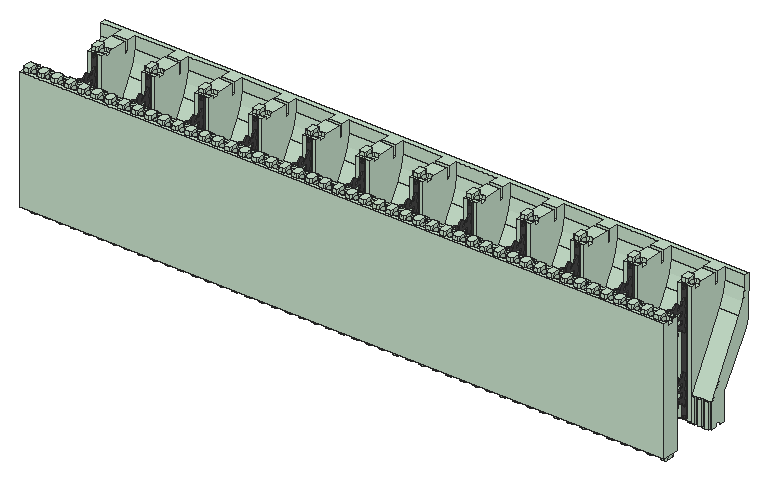
Revit family (continued)
Forms (mm)
  Extrusion 171, solid, material "EPS- NUDURA- Foam Panel"
    sketch origin (0, -0.069, 0) x (1, 0, 0) y (0, 1, 0)
      loop
        line (386.558, 76.2) -> (400.842, 76.2) -> (399.258, 82.55) -> (388.142, 82.55) -> (386.558, 76.2)
      loop
        line (361.158, 76.2) -> (375.442, 76.2) -> (373.858, 82.55) -> (362.742, 82.55) -> (361.158, 76.2)
      loop
        line (335.758, 76.2) -> (350.042, 76.2) -> (348.458, 82.55) -> (337.342, 82.55) -> (335.758, 76.2)
      loop
        line (259.558, 76.2) -> (273.842, 76.2) -> (272.258, 82.55) -> (261.142, 82.55) -> (259.558, 76.2)
      loop
        line (234.158, 76.2) -> (248.442, 76.2) -> (246.858, 82.55) -> (235.742, 82.55) -> (234.158, 76.2)
      loop
        line (208.758, 76.2) -> (223.042, 76.2) -> (221.458, 82.55) -> (210.342, 82.55) -> (208.758, 76.2)
      loop
        line (183.358, 76.2) -> (197.642, 76.2) -> (196.058, 82.55) -> (184.942, 82.55) -> (183.358, 76.2)
      loop
        line (157.958, 76.2) -> (172.242, 76.2) -> (170.658, 82.55) -> (159.542, 82.55) -> (157.958, 76.2)
      loop
        line (132.558, 76.2) -> (146.842, 76.2) -> (145.258, 82.55) -> (134.142, 82.55) -> (132.558, 76.2)
      loop
        line (56.358, 76.2) -> (70.642, 76.2) -> (69.058, 82.55) -> (57.942, 82.55) -> (56.358, 76.2)
      loop
        line (30.958, 76.2) -> (45.242, 76.2) -> (43.658, 82.55) -> (32.542, 82.55) -> (30.958, 76.2)
      loop
        line (5.558, 76.2) -> (19.842, 76.2) -> (18.258, 82.55) -> (7.142, 82.55) -> (5.558, 76.2)
    from 0 to 92.075
Cuts and joins
  Extrusion 2, Extrusion 3, Extrusion 4, Extrusion 5, Extrusion 6, Extrusion 7, Extrusion 8, Extrusion 9, Extrusion 10, Extrusion 11, Extrusion 12, Extrusion 13, Extrusion 14, Extrusion 15, Extrusion 16, Extrusion 17, Extrusion 18, Extrusion 19, Extrusion 20, Extrusion 21, Extrusion 22, Extrusion 23, Extrusion 24, Extrusion 25, Extrusion 26, Extrusion 27, Extrusion 28, Extrusion 29, Extrusion 30, Extrusion 31, Extrusion 32, Extrusion 33, Extrusion 34, Extrusion 35, Extrusion 36, Extrusion 37, Extrusion 38, Extrusion 39, Extrusion 40, Extrusion 41, Extrusion 42, Extrusion 43, Extrusion 44, Extrusion 45, Extrusion 46, Extrusion 47, Extrusion 48, Extrusion 49, Extrusion 62, Extrusion 63, Extrusion 64, Extrusion 65, Extrusion 66, Extrusion 67, Extrusion 68, Extrusion 69, Extrusion 70, Extrusion 71, Extrusion 72, Extrusion 73, Extrusion 74, Extrusion 75, Extrusion 76, Extrusion 77, Extrusion 78, Extrusion 79, Extrusion 80, Extrusion 81, Extrusion 82, Extrusion 83, Extrusion 84, Extrusion 85, Extrusion 86, Extrusion 87, Extrusion 88, Extrusion 89, Extrusion 90, Extrusion 91, Extrusion 92, Extrusion 93, Extrusion 94, Extrusion 95, Extrusion 96, Extrusion 97, Extrusion 98, Extrusion 99, Extrusion 100, Extrusion 101, Extrusion 102, Extrusion 103, Extrusion 104, Extrusion 105, Extrusion 106, Extrusion 107, Extrusion 108, Extrusion 109 cuts Extrusion 1
  Extrusion 50, Extrusion 110, Extrusion 111, Extrusion 112, Extrusion 113, Extrusion 114, Extrusion 115, Extrusion 116, Extrusion 117, Extrusion 118, Extrusion 119, Extrusion 120, Extrusion 121, Extrusion 122, Extrusion 123, Extrusion 124, Extrusion 125, Extrusion 126, Extrusion 127, Extrusion 128, Extrusion 129, Extrusion 130, Extrusion 131, Extrusion 132, Extrusion 133, Extrusion 134, Extrusion 135, Extrusion 136, Extrusion 137, Extrusion 138, Extrusion 139, Extrusion 140, Extrusion 141, Extrusion 142, Extrusion 143, Extrusion 144, Extrusion 145, Extrusion 146, Extrusion 147, Extrusion 148, Extrusion 149, Extrusion 150, Extrusion 151, Extrusion 152, Extrusion 153, Extrusion 154, Extrusion 155, Extrusion 156, Extrusion 157 cuts Extrusion 158
  Extrusion 61 cuts Extrusion 159
  Extrusion 60 cuts Extrusion 160
  Extrusion 59 cuts Extrusion 161
  Extrusion 58 cuts Extrusion 162
  Extrusion 57 cuts Extrusion 163
  Extrusion 56 cuts Extrusion 164
  Extrusion 55 cuts Extrusion 165
  Extrusion 54 cuts Extrusion 166
  Extrusion 53 cuts Extrusion 167
  Extrusion 52 cuts Extrusion 168
  Extrusion 51 cuts Extrusion 169
  Extrusion 50 cuts Extrusion 170
  joined: Extrusion 158, Extrusion 159, Extrusion 160, Extrusion 161, Extrusion 162, Extrusion 163, Extrusion 164, Extrusion 165, Extrusion 166, Extrusion 167, Extrusion 168, Extrusion 169, Extrusion 170, Extrusion 171
Lines and regions (mm)
  model lines
    curve 1: line (203.2, -142.944, 457.2) -> (203.2, -142.944, 0)
Dimensions and locks
  aligned and locked: level to plane 2
  aligned and locked: level to Extrusion 1
Nested families
  nested 1: "NUDURA Diamond Pattern" at (0, -0.069, 0), type "NUDURA Diamond Pattern"
  nested 2: "NUDURA Diamond Pattern" at (406.4, -0.069, 0), type "NUDURA Diamond Pattern"
  nested 3: "NUDURA Diamond Pattern" at (609.6, -0.069, 0), type "NUDURA Diamond Pattern"
  nested 4: "NUDURA Diamond Pattern" at (1016, -0.069, 0), type "NUDURA Diamond Pattern"
  nested 5: "NUDURA Diamond Pattern" at (1219.2, -0.069, 0), type "NUDURA Diamond Pattern"
  nested 6: "NUDURA Diamond Pattern" at (1625.6, -0.069, 0), type "NUDURA Diamond Pattern"
  nested 7: "NUDURA Diamond Pattern" at (1828.8, -0.069, 0), type "NUDURA Diamond Pattern"
  nested 8: "NUDURA Diamond Pattern" at (2235.2, -0.069, 0), type "NUDURA Diamond Pattern"
  nested 9: "Interlock Tooth" at (0, -0.069, 0), type "Interlock Tooth"
  nested 10: "Interlock Tooth" at (50.8, -0.069, 0), type "Interlock Tooth"
  nested 11: "Interlock Tooth" at (101.6, -0.069, 0), type "Interlock Tooth"
  nested 12: "Interlock Tooth" at (152.4, -0.069, 0), type "Interlock Tooth"
  nested 13: "Interlock Tooth" at (203.2, -0.069, 0), type "Interlock Tooth"
  nested 14: "Interlock Tooth" at (254, -0.069, 0), type "Interlock Tooth"
  nested 15: "Interlock Tooth" at (304.8, -0.069, 0), type "Interlock Tooth"
  nested 16: "Interlock Tooth" at (355.6, -0.069, 0), type "Interlock Tooth"
  nested 17: "Interlock Tooth" at (406.4, -0.069, 0), type "Interlock Tooth"
  nested 18: "Interlock Tooth" at (457.2, -0.069, 0), type "Interlock Tooth"
  nested 19: "Interlock Tooth" at (508, -0.069, 0), type "Interlock Tooth"
  nested 20: "Interlock Tooth" at (558.8, -0.069, 0), type "Interlock Tooth"
  nested 21: "Interlock Tooth" at (609.6, -0.069, 0), type "Interlock Tooth"
  nested 22: "Interlock Tooth" at (660.4, -0.069, 0), type "Interlock Tooth"
  nested 23: "Interlock Tooth" at (711.2, -0.069, 0), type "Interlock Tooth"
  nested 24: "Interlock Tooth" at (762, -0.069, 0), type "Interlock Tooth"
  nested 25: "Interlock Tooth" at (812.8, -0.069, 0), type "Interlock Tooth"
  nested 26: "Interlock Tooth" at (863.6, -0.069, 0), type "Interlock Tooth"
  nested 27: "Interlock Tooth" at (914.4, -0.069, 0), type "Interlock Tooth"
  nested 28: "Interlock Tooth" at (965.2, -0.069, 0), type "Interlock Tooth"
  nested 29: "Interlock Tooth" at (1016, -0.069, 0), type "Interlock Tooth"
  nested 30: "Interlock Tooth" at (1066.8, -0.069, 0), type "Interlock Tooth"
  nested 31: "Interlock Tooth" at (1117.6, -0.069, 0), type "Interlock Tooth"
  nested 32: "Interlock Tooth" at (1168.4, -0.069, 0), type "Interlock Tooth"
  nested 33: "Interlock Tooth" at (1219.2, -0.069, 0), type "Interlock Tooth"
  nested 34: "Interlock Tooth" at (1270, -0.069, 0), type "Interlock Tooth"
  nested 35: "Interlock Tooth" at (1320.8, -0.069, 0), type "Interlock Tooth"
  nested 36: "Interlock Tooth" at (1371.6, -0.069, 0), type "Interlock Tooth"
  nested 37: "Interlock Tooth" at (1422.4, -0.069, 0), type "Interlock Tooth"
  nested 38: "Interlock Tooth" at (1473.2, -0.069, 0), type "Interlock Tooth"
  nested 39: "Interlock Tooth" at (1524, -0.069, 0), type "Interlock Tooth"
  nested 40: "Interlock Tooth" at (1574.8, -0.069, 0), type "Interlock Tooth"
  nested 41: "Interlock Tooth" at (1625.6, -0.069, 0), type "Interlock Tooth"
  nested 42: "Interlock Tooth" at (1676.4, -0.069, 0), type "Interlock Tooth"
  nested 43: "Interlock Tooth" at (1727.2, -0.069, 0), type "Interlock Tooth"
  nested 44: "Interlock Tooth" at (1778, -0.069, 0), type "Interlock Tooth"
  nested 45: "Interlock Tooth" at (1828.8, -0.069, 0), type "Interlock Tooth"
  nested 46: "Interlock Tooth" at (1879.6, -0.069, 0), type "Interlock Tooth"
  nested 47: "Interlock Tooth" at (1930.4, -0.069, 0), type "Interlock Tooth"
  nested 48: "Interlock Tooth" at (1981.2, -0.069, 0), type "Interlock Tooth"
  nested 49: "Interlock Tooth" at (2032, -0.069, 0), type "Interlock Tooth"
  nested 50: "Interlock Tooth" at (2082.8, -0.069, 0), type "Interlock Tooth"
  nested 51: "Interlock Tooth" at (2133.6, -0.069, 0), type "Interlock Tooth"
  nested 52: "Interlock Tooth" at (2184.4, -0.069, 0), type "Interlock Tooth"
  nested 53: "Interlock Tooth" at (2235.2, -0.069, 0), type "Interlock Tooth"
  nested 54: "Interlock Tooth" at (2286, -0.069, 0), type "Interlock Tooth"
  nested 55: "Interlock Tooth" at (2336.8, -0.069, 0), type "Interlock Tooth"
  nested 56: "Interlock Tooth" at (2387.6, -0.069, 0), type "Interlock Tooth"
  nested 57: "Interlock Tooth" at (76.2, 225.356, 0), type "Interlock Tooth"
  nested 58: "Interlock Tooth" at (279.4, 225.356, 0), type "Interlock Tooth"
  nested 59: "Interlock Tooth" at (482.6, 225.356, 0), type "Interlock Tooth"
  nested 60: "Interlock Tooth" at (685.8, 225.356, 0), type "Interlock Tooth"
  nested 61: "Interlock Tooth" at (889, 225.356, 0), type "Interlock Tooth"
  nested 62: "Interlock Tooth" at (1092.2, 225.356, 0), type "Interlock Tooth"
  nested 63: "Interlock Tooth" at (1295.4, 225.356, 0), type "Interlock Tooth"
  nested 64: "Interlock Tooth" at (1498.6, 225.356, 0), type "Interlock Tooth"
  nested 65: "Interlock Tooth" at (1701.8, 225.356, 0), type "Interlock Tooth"
  nested 66: "Interlock Tooth" at (1905, 225.356, 0), type "Interlock Tooth"
  nested 67: "Interlock Tooth" at (2108.2, 225.356, 0), type "Interlock Tooth"
  nested 68: "Interlock Tooth" at (2311.4, 225.356, 0), type "Interlock Tooth"
  nested 69: "Interlock Tooth" at (25.4, -225.494, -469.9), type "Interlock Tooth"
  nested 70: "Interlock Tooth" at (76.2, -225.494, -469.9), type "Interlock Tooth"
  nested 71: "Interlock Tooth" at (127, -225.494, -469.9), type "Interlock Tooth"
  nested 72: "Interlock Tooth" at (177.8, -225.494, -469.9), type "Interlock Tooth"
  nested 73: "Interlock Tooth" at (228.6, -225.494, -469.9), type "Interlock Tooth"
  nested 74: "Interlock Tooth" at (279.4, -225.494, -469.9), type "Interlock Tooth"
  nested 75: "Interlock Tooth" at (330.2, -225.494, -469.9), type "Interlock Tooth"
  nested 76: "Interlock Tooth" at (381, -225.494, -469.9), type "Interlock Tooth"
  nested 77: "Interlock Tooth" at (431.8, -225.494, -469.9), type "Interlock Tooth"
  nested 78: "Interlock Tooth" at (482.6, -225.494, -469.9), type "Interlock Tooth"
  nested 79: "Interlock Tooth" at (533.4, -225.494, -469.9), type "Interlock Tooth"
  nested 80: "Interlock Tooth" at (584.2, -225.494, -469.9), type "Interlock Tooth"
  nested 81: "Interlock Tooth" at (635, -225.494, -469.9), type "Interlock Tooth"
  nested 82: "Interlock Tooth" at (685.8, -225.494, -469.9), type "Interlock Tooth"
  nested 83: "Interlock Tooth" at (736.6, -225.494, -469.9), type "Interlock Tooth"
  nested 84: "Interlock Tooth" at (787.4, -225.494, -469.9), type "Interlock Tooth"
  nested 85: "Interlock Tooth" at (838.2, -225.494, -469.9), type "Interlock Tooth"
  nested 86: "Interlock Tooth" at (889, -225.494, -469.9), type "Interlock Tooth"
  nested 87: "Interlock Tooth" at (939.8, -225.494, -469.9), type "Interlock Tooth"
  nested 88: "Interlock Tooth" at (990.6, -225.494, -469.9), type "Interlock Tooth"
  nested 89: "Interlock Tooth" at (1041.4, -225.494, -469.9), type "Interlock Tooth"
  nested 90: "Interlock Tooth" at (1092.2, -225.494, -469.9), type "Interlock Tooth"
  nested 91: "Interlock Tooth" at (1143, -225.494, -469.9), type "Interlock Tooth"
  nested 92: "Interlock Tooth" at (1193.8, -225.494, -469.9), type "Interlock Tooth"
  nested 93: "Interlock Tooth" at (1244.6, -225.494, -469.9), type "Interlock Tooth"
  nested 94: "Interlock Tooth" at (1295.4, -225.494, -469.9), type "Interlock Tooth"
  nested 95: "Interlock Tooth" at (1346.2, -225.494, -469.9), type "Interlock Tooth"
  nested 96: "Interlock Tooth" at (1397, -225.494, -469.9), type "Interlock Tooth"
  nested 97: "Interlock Tooth" at (1447.8, -225.494, -469.9), type "Interlock Tooth"
  nested 98: "Interlock Tooth" at (1498.6, -225.494, -469.9), type "Interlock Tooth"
  nested 99: "Interlock Tooth" at (1549.4, -225.494, -469.9), type "Interlock Tooth"
  nested 100: "Interlock Tooth" at (1600.2, -225.494, -469.9), type "Interlock Tooth"
  nested 101: "Interlock Tooth" at (1651, -225.494, -469.9), type "Interlock Tooth"
  nested 102: "Interlock Tooth" at (1701.8, -225.494, -469.9), type "Interlock Tooth"
  nested 103: "Interlock Tooth" at (1752.6, -225.494, -469.9), type "Interlock Tooth"
  nested 104: "Interlock Tooth" at (1803.4, -225.494, -469.9), type "Interlock Tooth"
  nested 105: "Interlock Tooth" at (1854.2, -225.494, -469.9), type "Interlock Tooth"
  nested 106: "Interlock Tooth" at (1905, -225.494, -469.9), type "Interlock Tooth"
  nested 107: "Interlock Tooth" at (1955.8, -225.494, -469.9), type "Interlock Tooth"
  nested 108: "Interlock Tooth" at (2006.6, -225.494, -469.9), type "Interlock Tooth"
  nested 109: "Interlock Tooth" at (2057.4, -225.494, -469.9), type "Interlock Tooth"
  nested 110: "Interlock Tooth" at (2108.2, -225.494, -469.9), type "Interlock Tooth"
  nested 111: "Interlock Tooth" at (2159, -225.494, -469.9), type "Interlock Tooth"
  nested 112: "Interlock Tooth" at (2209.8, -225.494, -469.9), type "Interlock Tooth"
  nested 113: "Interlock Tooth" at (2260.6, -225.494, -469.9), type "Interlock Tooth"
  nested 114: "Interlock Tooth" at (2311.4, -225.494, -469.9), type "Interlock Tooth"
  nested 115: "Interlock Tooth" at (2362.2, -225.494, -469.9), type "Interlock Tooth"
  nested 116: "Interlock Tooth" at (2413, -225.494, -469.9), type "Interlock Tooth"
  nested 117: "Interlock Tooth" at (0, -0.069, -469.9), type "Interlock Tooth"
  nested 118: "Interlock Tooth" at (50.8, -0.069, -469.9), type "Interlock Tooth"
  nested 119: "Interlock Tooth" at (101.6, -0.069, -469.9), type "Interlock Tooth"
  nested 120: "Interlock Tooth" at (152.4, -0.069, -469.9), type "Interlock Tooth"
  nested 121: "Interlock Tooth" at (203.2, -0.069, -469.9), type "Interlock Tooth"
  nested 122: "Interlock Tooth" at (254, -0.069, -469.9), type "Interlock Tooth"
  nested 123: "Interlock Tooth" at (304.8, -0.069, -469.9), type "Interlock Tooth"
  nested 124: "Interlock Tooth" at (355.6, -0.069, -469.9), type "Interlock Tooth"
  nested 125: "Interlock Tooth" at (406.4, -0.069, -469.9), type "Interlock Tooth"
  nested 126: "Interlock Tooth" at (457.2, -0.069, -469.9), type "Interlock Tooth"
  nested 127: "Interlock Tooth" at (508, -0.069, -469.9), type "Interlock Tooth"
  nested 128: "Interlock Tooth" at (558.8, -0.069, -469.9), type "Interlock Tooth"
  nested 129: "Interlock Tooth" at (609.6, -0.069, -469.9), type "Interlock Tooth"
  nested 130: "Interlock Tooth" at (660.4, -0.069, -469.9), type "Interlock Tooth"
  nested 131: "Interlock Tooth" at (711.2, -0.069, -469.9), type "Interlock Tooth"
  nested 132: "Interlock Tooth" at (762, -0.069, -469.9), type "Interlock Tooth"
  nested 133: "Interlock Tooth" at (812.8, -0.069, -469.9), type "Interlock Tooth"
  nested 134: "Interlock Tooth" at (863.6, -0.069, -469.9), type "Interlock Tooth"
  nested 135: "Interlock Tooth" at (914.4, -0.069, -469.9), type "Interlock Tooth"
  nested 136: "Interlock Tooth" at (965.2, -0.069, -469.9), type "Interlock Tooth"
  nested 137: "Interlock Tooth" at (1016, -0.069, -469.9), type "Interlock Tooth"
  nested 138: "Interlock Tooth" at (1066.8, -0.069, -469.9), type "Interlock Tooth"
  nested 139: "Interlock Tooth" at (1117.6, -0.069, -469.9), type "Interlock Tooth"
  nested 140: "Interlock Tooth" at (1168.4, -0.069, -469.9), type "Interlock Tooth"
  nested 141: "Interlock Tooth" at (1219.2, -0.069, -469.9), type "Interlock Tooth"
  nested 142: "Interlock Tooth" at (1270, -0.069, -469.9), type "Interlock Tooth"
  nested 143: "Interlock Tooth" at (1320.8, -0.069, -469.9), type "Interlock Tooth"
  nested 144: "Interlock Tooth" at (1371.6, -0.069, -469.9), type "Interlock Tooth"
  nested 145: "Interlock Tooth" at (1422.4, -0.069, -469.9), type "Interlock Tooth"
  nested 146: "Interlock Tooth" at (1473.2, -0.069, -469.9), type "Interlock Tooth"
  nested 147: "Interlock Tooth" at (1524, -0.069, -469.9), type "Interlock Tooth"
  nested 148: "Interlock Tooth" at (1574.8, -0.069, -469.9), type "Interlock Tooth"
  nested 149: "Interlock Tooth" at (1625.6, -0.069, -469.9), type "Interlock Tooth"
  nested 150: "Interlock Tooth" at (1676.4, -0.069, -469.9), type "Interlock Tooth"
  nested 151: "Interlock Tooth" at (1727.2, -0.069, -469.9), type "Interlock Tooth"
  nested 152: "Interlock Tooth" at (1778, -0.069, -469.9), type "Interlock Tooth"
  nested 153: "Interlock Tooth" at (1828.8, -0.069, -469.9), type "Interlock Tooth"
  nested 154: "Interlock Tooth" at (1879.6, -0.069, -469.9), type "Interlock Tooth"
  nested 155: "Interlock Tooth" at (1930.4, -0.069, -469.9), type "Interlock Tooth"
  nested 156: "Interlock Tooth" at (1981.2, -0.069, -469.9), type "Interlock Tooth"
  nested 157: "Interlock Tooth" at (2032, -0.069, -469.9), type "Interlock Tooth"
  nested 158: "Interlock Tooth" at (2082.8, -0.069, -469.9), type "Interlock Tooth"
  nested 159: "Interlock Tooth" at (2133.6, -0.069, -469.9), type "Interlock Tooth"
  nested 160: "Interlock Tooth" at (2184.4, -0.069, -469.9), type "Interlock Tooth"
  nested 161: "Interlock Tooth" at (2235.2, -0.069, -469.9), type "Interlock Tooth"
  nested 162: "Interlock Tooth" at (2286, -0.069, -469.9), type "Interlock Tooth"
  nested 163: "Interlock Tooth" at (2336.8, -0.069, -469.9), type "Interlock Tooth"
  nested 164: "Interlock Tooth" at (2387.6, -0.069, -469.9), type "Interlock Tooth"
  nested 165: "6-inch Web" at (101.6, 0.057, 0), type "6-inch Web"
  nested 166: "6-inch Web" at (304.8, 0.057, 0), type "6-inch Web"
  nested 167: "6-inch Web" at (508, 0.057, 0), type "6-inch Web"
  nested 168: "6-inch Web" at (711.2, 0.057, 0), type "6-inch Web"
  nested 169: "6-inch Web" at (914.4, 0.057, 0), type "6-inch Web"
  nested 170: "6-inch Web" at (1117.6, 0.057, 0), type "6-inch Web"
  nested 171: "6-inch Web" at (1320.8, 0.057, 0), type "6-inch Web"
  nested 172: "6-inch Web" at (1524, 0.057, 0), type "6-inch Web"
  nested 173: "6-inch Web" at (1727.2, 0.057, 0), type "6-inch Web"
  nested 174: "6-inch Web" at (1930.4, 0.057, 0), type "6-inch Web"
  nested 175: "6-inch Web" at (2133.6, 0.057, 0), type "6-inch Web"
  nested 176: "6-inch Web" at (2336.8, 0.057, 0), type "6-inch Web"
  nested 177: "NUDURA Logo Diamond" at (0, -142.944, 0), type "NUDURA Logo Diamond"
  nested 178: "NUDURA Logo Diamond" at (609.6, -142.944, 0), type "NUDURA Logo Diamond"
  nested 179: "NUDURA Logo Diamond" at (1219.2, -142.944, 0), type "NUDURA Logo Diamond"
  nested 180: "NUDURA Logo Diamond" at (1828.8, -142.944, 0), type "NUDURA Logo Diamond"
  nested 181: "NUDURA Brick Ledge Diamond Pattern" at (2235.2, 285.681, 0), type "NUDURA Brick Ledge Diamond Pattern"
  nested 182: "NUDURA Brick Ledge Diamond Pattern" at (2032, 285.681, 0), type "NUDURA Brick Ledge Diamond Pattern"
  nested 183: "NUDURA Brick Ledge Diamond Pattern" at (1828.8, 285.681, 0), type "NUDURA Brick Ledge Diamond Pattern"
  nested 184: "NUDURA Brick Ledge Diamond Pattern" at (1625.6, 285.681, 0), type "NUDURA Brick Ledge Diamond Pattern"
  nested 185: "NUDURA Brick Ledge Diamond Pattern" at (1422.4, 285.681, 0), type "NUDURA Brick Ledge Diamond Pattern"
  nested 186: "NUDURA Brick Ledge Diamond Pattern" at (1219.2, 285.681, 0), type "NUDURA Brick Ledge Diamond Pattern"
  nested 187: "NUDURA Brick Ledge Diamond Pattern" at (1016, 285.681, 0), type "NUDURA Brick Ledge Diamond Pattern"
  nested 188: "NUDURA Brick Ledge Diamond Pattern" at (812.8, 285.681, 0), type "NUDURA Brick Ledge Diamond Pattern"
  nested 189: "NUDURA Brick Ledge Diamond Pattern" at (609.6, 285.681, 0), type "NUDURA Brick Ledge Diamond Pattern"
  nested 190: "NUDURA Brick Ledge Diamond Pattern" at (406.4, 285.681, 0), type "NUDURA Brick Ledge Diamond Pattern"
  nested 191: "NUDURA Brick Ledge Diamond Pattern" at (203.2, 285.681, 0), type "NUDURA Brick Ledge Diamond Pattern"
  nested 192: "NUDURA Brick Ledge Diamond Pattern" at (0, 285.681, 0), type "NUDURA Brick Ledge Diamond Pattern"
Definition of nested family "Interlock Tooth"
  Reference planes
    plane 1 "Center (Front/Back)": y = 0
    plane 2: z = 0
    plane 3 "Center (Left/Right)": x = 0
    plane 4: z = 457.2
    plane 5: z = 469.9
    plane 6: z = -12.7
  Forms (mm)
    Extrusion 1, solid, material "EPS- NUDURA- Foam Panel"
      sketch origin (0, -225.425, 0) x (1, 0, 0) y (0, 1, 0)
        loop
          arc (0, 101.014) -> (1.215, 97.278) -> (4.396, 94.972) r 6.35
          arc (4.396, 94.972) -> (12.7, 93.663) -> (21.004, 94.972) r 26.988
          arc (21.004, 94.972) -> (24.185, 97.278) -> (25.4, 101.014) r 6.35
          line (25.4, 101.014) -> (25.4, 124.411)
          arc (25.4, 124.411) -> (24.185, 128.147) -> (21.004, 130.453) r 6.35
          arc (21.004, 130.453) -> (12.7, 131.763) -> (4.396, 130.453) r 26.987
          arc (4.396, 130.453) -> (1.215, 128.147) -> (0, 124.411) r 6.35
          line (0, 124.411) -> (0, 101.014)
      from 457.2 to 469.9
  Dimensions and locks
    locked: plane 4 to level at 457.2
    locked: plane 4 to plane 5 at 12.7
    locked: plane 6 to level at 12.7
Definition of nested family "6-inch Web"
  Reference planes
    plane 1 "Center (Front/Back)": y = 0
    plane 2: z = 0
    plane 3 "Center (Left/Right)": x = 0
  Forms (mm)
    Extrusion 1, solid, material "Polypropylene- NUDURA"
      sketch origin (0, 0, -12.7) x (0, 1, 0) y (0, 0, 1)
        loop
          line (76.073, 91.536) -> (73.264, 91.536) -> (73.264, 93.314) -> (79.438, 93.314)
          arc (79.438, 93.314) -> (80.561, 92.849) -> (81.026, 91.727) r 1.587
          line (81.026, 91.727) -> (81.026, 111.666)
          arc (81.026, 111.666) -> (80.561, 110.543) -> (79.438, 110.078) r 1.587
          line (79.438, 110.078) -> (73.264, 110.078) -> (73.264, 111.856) -> (76.073, 111.856) -> (76.073, 124.556) -> (73.264, 124.556) -> (73.264, 126.334) -> (79.438, 126.334)
          arc (79.438, 126.334) -> (80.561, 125.869) -> (81.026, 124.747) r 1.587
          line (81.026, 124.747) -> (81.026, 144.686)
          arc (81.026, 144.686) -> (80.561, 143.563) -> (79.438, 143.098) r 1.587
          line (79.438, 143.098) -> (73.264, 143.098) -> (73.264, 144.876) -> (76.073, 144.876) -> (76.073, 157.576) -> (73.264, 157.576) -> (73.264, 159.354) -> (79.438, 159.354)
          arc (79.438, 159.354) -> (80.561, 158.889) -> (81.026, 157.767) r 1.588
          line (81.026, 157.767) -> (81.026, 172.997) -> (78.486, 172.997)
          arc (78.486, 172.997) -> (75.845, 170.382) -> (72.559, 168.643) r 12.7
          arc (72.559, 168.643) -> (69.491, 166.323) -> (68.326, 162.656) r 6.35
          line (68.326, 162.656) -> (68.326, 160.942)
          arc (68.326, 160.942) -> (68.791, 159.819) -> (69.913, 159.354) r 1.588
          line (69.913, 159.354) -> (71.367, 159.354) -> (71.367, 157.576) -> (68.453, 157.576)
          arc (68.453, 157.576) -> (63.342, 157.805) -> (58.381, 159.053) r 25.4
          arc (58.381, 159.053) -> (56.106, 158.583) -> (55.418, 156.364) r 2.286
          arc (55.418, 156.364) -> (44.309, 147.703) -> (45.002, 161.771) r 7.747
          arc (45.002, 161.771) -> (48.114, 169.035) -> (40.85, 172.148) r 5.588
          arc (40.85, 172.148) -> (33.539, 166.926) -> (29.461, 158.921) r 18.923
          arc (29.461, 158.921) -> (27.769, 151.01) -> (25.249, 143.323) r 76.2
          arc (25.249, 143.323) -> (12.33, 141.646) -> (16.15, 154.1) r 7.747
          arc (16.15, 154.1) -> (20.591, 159.798) -> (16.474, 165.735) r 6.096
          arc (16.474, 165.735) -> (8.351, 167.789) -> (0, 168.48) r 50.8
          arc (0, 168.48) -> (-8.351, 167.789) -> (-16.474, 165.735) r 50.8
          arc (-16.474, 165.735) -> (-20.591, 159.798) -> (-16.15, 154.1) r 6.096
          arc (-16.15, 154.1) -> (-12.33, 141.646) -> (-25.249, 143.323) r 7.747
          arc (-25.249, 143.323) -> (-27.769, 151.01) -> (-29.461, 158.921) r 76.2
          arc (-29.461, 158.921) -> (-33.539, 166.926) -> (-40.85, 172.148) r 18.923
          arc (-40.85, 172.148) -> (-48.114, 169.035) -> (-45.002, 161.771) r 5.588
          arc (-45.002, 161.771) -> (-44.309, 147.703) -> (-55.418, 156.364) r 7.747
          arc (-55.418, 156.364) -> (-56.106, 158.583) -> (-58.381, 159.053) r 2.286
          arc (-58.381, 159.053) -> (-63.342, 157.805) -> (-68.453, 157.576) r 25.4
          line (-68.453, 157.576) -> (-71.367, 157.576) -> (-71.367, 159.354) -> (-69.913, 159.354)
          arc (-69.913, 159.354) -> (-68.791, 159.819) -> (-68.326, 160.942) r 1.588
          line (-68.326, 160.942) -> (-68.326, 162.656)
          arc (-68.326, 162.656) -> (-69.491, 166.323) -> (-72.559, 168.643) r 6.35
          arc (-72.559, 168.643) -> (-75.845, 170.382) -> (-78.486, 172.997) r 12.7
          line (-78.486, 172.997) -> (-81.026, 172.997) -> (-81.026, 157.767)
          arc (-81.026, 157.767) -> (-80.561, 158.889) -> (-79.438, 159.354) r 1.588
          line (-79.438, 159.354) -> (-73.264, 159.354) -> (-73.264, 157.576) -> (-76.073, 157.576) -> (-76.073, 144.876) -> (-73.264, 144.876) -> (-73.264, 143.098) -> (-79.438, 143.098)
          arc (-79.438, 143.098) -> (-80.561, 143.563) -> (-81.026, 144.686) r 1.587
          line (-81.026, 144.686) -> (-81.026, 124.747)
          arc (-81.026, 124.747) -> (-80.561, 125.869) -> (-79.438, 126.334) r 1.587
          line (-79.438, 126.334) -> (-73.264, 126.334) -> (-73.264, 124.556) -> (-76.073, 124.556) -> (-76.073, 111.856) -> (-73.264, 111.856) -> (-73.264, 110.078) -> (-79.438, 110.078)
          arc (-79.438, 110.078) -> (-80.561, 110.543) -> (-81.026, 111.666) r 1.587
          line (-81.026, 111.666) -> (-81.026, 91.727)
          arc (-81.026, 91.727) -> (-80.561, 92.849) -> (-79.438, 93.314) r 1.587
          line (-79.438, 93.314) -> (-73.264, 93.314) -> (-73.264, 91.536) -> (-76.073, 91.536) -> (-76.073, 78.837) -> (-73.264, 78.837) -> (-73.264, 77.058) -> (-79.438, 77.058)
          arc (-79.438, 77.058) -> (-80.561, 77.523) -> (-81.026, 78.646) r 1.587
          line (-81.026, 78.646) -> (-81.026, 55.796)
          arc (-81.026, 55.796) -> (-78.695, 63.128) -> (-72.559, 67.77) r 12.7
          arc (-72.559, 67.77) -> (-69.491, 70.09) -> (-68.326, 73.756) r 6.35
          line (-68.326, 73.756) -> (-68.326, 75.471)
          arc (-68.326, 75.471) -> (-68.791, 76.593) -> (-69.913, 77.058) r 1.588
          line (-69.913, 77.058) -> (-71.367, 77.058) -> (-71.367, 78.837) -> (-68.453, 78.837)
          arc (-68.453, 78.837) -> (-63.342, 78.608) -> (-58.381, 77.359) r 25.4
          arc (-58.381, 77.359) -> (-56.106, 77.83) -> (-55.418, 80.049) r 2.286
          arc (-55.418, 80.049) -> (-44.309, 88.71) -> (-45.002, 74.641) r 7.747
          arc (-45.002, 74.641) -> (-48.114, 67.378) -> (-40.85, 64.265) r 5.588
          arc (-40.85, 64.265) -> (-33.539, 69.487) -> (-29.461, 77.492) r 18.923
          arc (-29.461, 77.492) -> (-27.769, 85.403) -> (-25.249, 93.09) r 76.2
          arc (-25.249, 93.09) -> (-12.33, 94.767) -> (-16.15, 82.312) r 7.747
          arc (-16.15, 82.312) -> (-20.591, 76.615) -> (-16.474, 70.678) r 6.096
          arc (-16.474, 70.678) -> (-8.351, 68.624) -> (0, 67.933) r 50.8
          arc (0, 67.933) -> (8.351, 68.624) -> (16.474, 70.678) r 50.8
          arc (16.474, 70.678) -> (20.591, 76.615) -> (16.15, 82.312) r 6.096
          arc (16.15, 82.312) -> (12.33, 94.767) -> (25.249, 93.09) r 7.747
          arc (25.249, 93.09) -> (27.769, 85.403) -> (29.461, 77.492) r 76.2
          arc (29.461, 77.492) -> (33.539, 69.487) -> (40.85, 64.265) r 18.923
          arc (40.85, 64.265) -> (48.114, 67.378) -> (45.002, 74.641) r 5.588
          arc (45.002, 74.641) -> (44.309, 88.71) -> (55.418, 80.049) r 7.747
          arc (55.418, 80.049) -> (56.106, 77.83) -> (58.381, 77.359) r 2.286
          arc (58.381, 77.359) -> (63.342, 78.608) -> (68.453, 78.837) r 25.4
          line (68.453, 78.837) -> (71.367, 78.837) -> (71.367, 77.058) -> (69.913, 77.058)
          arc (69.913, 77.058) -> (68.791, 76.593) -> (68.326, 75.471) r 1.588
          line (68.326, 75.471) -> (68.326, 73.756)
          arc (68.326, 73.756) -> (69.491, 70.09) -> (72.559, 67.77) r 6.35
          arc (72.559, 67.77) -> (78.695, 63.128) -> (81.026, 55.796) r 12.7
          line (81.026, 55.796) -> (81.026, 78.646)
          arc (81.026, 78.646) -> (80.561, 77.523) -> (79.438, 77.058) r 1.587
          line (79.438, 77.058) -> (73.264, 77.058) -> (73.264, 78.837) -> (76.073, 78.837) -> (76.073, 91.536)
        loop
          arc (9.884, 115.92) -> (4.076, 110.709) -> (8.63, 104.373) r 5.842
          line (8.63, 104.373) -> (64.795, 92.141)
          arc (64.795, 92.141) -> (66.613, 91.772) -> (68.453, 91.536) r 25.4
          line (68.453, 91.536) -> (71.367, 91.536) -> (71.367, 93.314) -> (69.913, 93.314)
          arc (69.913, 93.314) -> (68.791, 93.779) -> (68.326, 94.902) r 1.588
          line (68.326, 94.902) -> (68.326, 108.491)
          arc (68.326, 108.491) -> (68.791, 109.613) -> (69.913, 110.078) r 1.588
          line (69.913, 110.078) -> (71.367, 110.078) -> (71.367, 111.856) -> (68.453, 111.856)
          arc (68.453, 111.856) -> (67.092, 112.052) -> (65.821, 112.576) r 5.556
          arc (65.821, 112.576) -> (58.287, 115.001) -> (50.426, 115.92) r 40.64
          line (50.426, 115.92) -> (9.884, 115.92)
        loop
          line (68.453, 124.556) -> (71.367, 124.556) -> (71.367, 126.334) -> (69.913, 126.334)
          arc (69.913, 126.334) -> (68.791, 126.799) -> (68.326, 127.922) r 1.588
          line (68.326, 127.922) -> (68.326, 141.511)
          arc (68.326, 141.511) -> (68.791, 142.633) -> (69.913, 143.098) r 1.588
          line (69.913, 143.098) -> (71.367, 143.098) -> (71.367, 144.876) -> (68.453, 144.876)
          arc (68.453, 144.876) -> (66.613, 144.641) -> (64.795, 144.272) r 25.4
          line (64.795, 144.272) -> (8.63, 132.04)
          arc (8.63, 132.04) -> (4.076, 125.704) -> (9.884, 120.492) r 5.842
          line (9.884, 120.492) -> (50.426, 120.492)
          arc (50.426, 120.492) -> (58.287, 121.411) -> (65.821, 123.837) r 40.64
          arc (65.821, 123.837) -> (67.092, 124.361) -> (68.453, 124.556) r 5.556
        loop
          line (-65.908, 91.899) -> (-8.63, 104.373)
          arc (-8.63, 104.373) -> (-4.076, 110.709) -> (-9.884, 115.92) r 5.842
          line (-9.884, 115.92) -> (-50.426, 115.92)
          arc (-50.426, 115.92) -> (-58.287, 115.001) -> (-65.821, 112.576) r 40.64
          arc (-65.821, 112.576) -> (-67.092, 112.052) -> (-68.453, 111.856) r 5.556
          line (-68.453, 111.856) -> (-71.367, 111.856) -> (-71.367, 110.078) -> (-69.913, 110.078)
          arc (-69.913, 110.078) -> (-68.791, 109.613) -> (-68.326, 108.491) r 1.588
          line (-68.326, 108.491) -> (-68.326, 94.902)
          arc (-68.326, 94.902) -> (-68.791, 93.779) -> (-69.913, 93.314) r 1.588
          line (-69.913, 93.314) -> (-71.367, 93.314) -> (-71.367, 91.536) -> (-68.453, 91.536)
          arc (-68.453, 91.536) -> (-67.176, 91.685) -> (-65.908, 91.899) r 25.4
        loop
          arc (-68.453, 124.556) -> (-67.092, 124.361) -> (-65.821, 123.837) r 5.556
          arc (-65.821, 123.837) -> (-58.287, 121.411) -> (-50.426, 120.492) r 40.64
          line (-50.426, 120.492) -> (-9.884, 120.492)
          arc (-9.884, 120.492) -> (-4.076, 125.704) -> (-8.63, 132.04) r 5.842
          line (-8.63, 132.04) -> (-64.795, 144.272)
          arc (-64.795, 144.272) -> (-66.613, 144.641) -> (-68.453, 144.876) r 25.4
          line (-68.453, 144.876) -> (-71.367, 144.876) -> (-71.367, 143.098) -> (-69.913, 143.098)
          arc (-69.913, 143.098) -> (-68.791, 142.633) -> (-68.326, 141.511) r 1.588
          line (-68.326, 141.511) -> (-68.326, 127.922)
          arc (-68.326, 127.922) -> (-68.791, 126.799) -> (-69.913, 126.334) r 1.588
          line (-69.913, 126.334) -> (-71.367, 126.334) -> (-71.367, 124.556) -> (-68.453, 124.556)
        loop
          arc (81.026, 25.02) -> (80.867, 24.651) -> (80.49, 24.513) r 0.508
          line (80.49, 24.513) -> (76.482, 24.735)
          arc (76.482, 24.735) -> (76.105, 24.597) -> (75.946, 24.228) r 0.508
          line (75.946, 24.228) -> (75.946, 22.419)
          arc (75.946, 22.419) -> (76.051, 22.033) -> (76.338, 21.753) r 0.762
          line (76.338, 21.753) -> (80.634, 19.367)
          arc (80.634, 19.367) -> (80.921, 19.087) -> (81.026, 18.7) r 0.762
          line (81.026, 18.7) -> (81.026, 25.02)
        loop
          line (-81.026, 25.02) -> (-81.026, 18.7)
          arc (-81.026, 18.7) -> (-80.921, 19.087) -> (-80.634, 19.367) r 0.762
          line (-80.634, 19.367) -> (-76.338, 21.753)
          arc (-76.338, 21.753) -> (-76.051, 22.033) -> (-75.946, 22.419) r 0.762
          line (-75.946, 22.419) -> (-75.946, 24.228)
          arc (-75.946, 24.228) -> (-76.105, 24.597) -> (-76.482, 24.735) r 0.508
          line (-76.482, 24.735) -> (-80.49, 24.513)
          arc (-80.49, 24.513) -> (-80.867, 24.651) -> (-81.026, 25.02) r 0.508
        loop
          line (76.073, 391.064) -> (76.073, 403.763) -> (73.264, 403.763) -> (73.264, 405.542) -> (79.438, 405.542)
          arc (79.438, 405.542) -> (80.561, 405.077) -> (81.026, 403.954) r 1.587
          line (81.026, 403.954) -> (81.026, 426.804)
          arc (81.026, 426.804) -> (78.695, 419.472) -> (72.559, 414.83) r 12.7
          arc (72.559, 414.83) -> (69.491, 412.51) -> (68.326, 408.844) r 6.35
          line (68.326, 408.844) -> (68.326, 407.129)
          arc (68.326, 407.129) -> (68.791, 406.007) -> (69.913, 405.542) r 1.588
          line (69.913, 405.542) -> (71.367, 405.542) -> (71.367, 403.763) -> (68.453, 403.763)
          arc (68.453, 403.763) -> (63.342, 403.992) -> (58.381, 405.241) r 25.4
          arc (58.381, 405.241) -> (56.106, 404.77) -> (55.418, 402.551) r 2.286
          arc (55.418, 402.551) -> (44.309, 393.89) -> (45.002, 407.959) r 7.747
          arc (45.002, 407.959) -> (48.114, 415.222) -> (40.85, 418.335) r 5.588
          arc (40.85, 418.335) -> (33.539, 413.113) -> (29.461, 405.108) r 18.923
          arc (29.461, 405.108) -> (27.769, 397.197) -> (25.249, 389.51) r 76.2
          arc (25.249, 389.51) -> (12.33, 387.833) -> (16.15, 400.288) r 7.747
          arc (16.15, 400.288) -> (20.591, 405.985) -> (16.474, 411.922) r 6.096
          arc (16.474, 411.922) -> (8.351, 413.976) -> (0, 414.667) r 50.8
          arc (0, 414.667) -> (-8.351, 413.976) -> (-16.474, 411.922) r 50.8
          arc (-16.474, 411.922) -> (-20.591, 405.985) -> (-16.15, 400.288) r 6.096
          arc (-16.15, 400.288) -> (-12.33, 387.833) -> (-25.249, 389.51) r 7.747
          arc (-25.249, 389.51) -> (-27.769, 397.197) -> (-29.461, 405.108) r 76.2
          arc (-29.461, 405.108) -> (-33.539, 413.113) -> (-40.85, 418.335) r 18.923
          arc (-40.85, 418.335) -> (-48.114, 415.222) -> (-45.002, 407.959) r 5.588
          arc (-45.002, 407.959) -> (-44.309, 393.89) -> (-55.418, 402.551) r 7.747
          arc (-55.418, 402.551) -> (-56.106, 404.77) -> (-58.381, 405.241) r 2.286
          arc (-58.381, 405.241) -> (-63.342, 403.992) -> (-68.453, 403.763) r 25.4
          line (-68.453, 403.763) -> (-71.367, 403.763) -> (-71.367, 405.542) -> (-69.913, 405.542)
          arc (-69.913, 405.542) -> (-68.791, 406.007) -> (-68.326, 407.129) r 1.588
          line (-68.326, 407.129) -> (-68.326, 408.844)
          arc (-68.326, 408.844) -> (-69.491, 412.51) -> (-72.559, 414.83) r 6.35
          arc (-72.559, 414.83) -> (-78.695, 419.472) -> (-81.026, 426.804) r 12.7
          line (-81.026, 426.804) -> (-81.026, 403.954)
          arc (-81.026, 403.954) -> (-80.561, 405.077) -> (-79.438, 405.542) r 1.587
          line (-79.438, 405.542) -> (-73.264, 405.542) -> (-73.264, 403.763) -> (-76.073, 403.763) -> (-76.073, 391.064) -> (-73.264, 391.064) -> (-73.264, 389.286) -> (-79.438, 389.286)
          arc (-79.438, 389.286) -> (-80.561, 389.751) -> (-81.026, 390.873) r 1.587
          line (-81.026, 390.873) -> (-81.026, 370.934)
          arc (-81.026, 370.934) -> (-80.561, 372.057) -> (-79.438, 372.522) r 1.587
          line (-79.438, 372.522) -> (-73.264, 372.522) -> (-73.264, 370.744) -> (-76.073, 370.744) -> (-76.073, 358.044) -> (-73.264, 358.044) -> (-73.264, 356.266) -> (-79.438, 356.266)
          arc (-79.438, 356.266) -> (-80.561, 356.731) -> (-81.026, 357.853) r 1.587
          line (-81.026, 357.853) -> (-81.026, 337.914)
          arc (-81.026, 337.914) -> (-80.561, 339.037) -> (-79.438, 339.502) r 1.587
          line (-79.438, 339.502) -> (-73.264, 339.502) -> (-73.264, 337.724) -> (-76.073, 337.724) -> (-76.073, 325.024) -> (-73.264, 325.024) -> (-73.264, 323.246) -> (-79.438, 323.246)
          arc (-79.438, 323.246) -> (-80.561, 323.711) -> (-81.026, 324.833) r 1.588
          line (-81.026, 324.833) -> (-81.026, 309.603) -> (-78.486, 309.603)
          arc (-78.486, 309.603) -> (-75.845, 312.218) -> (-72.559, 313.957) r 12.7
          arc (-72.559, 313.957) -> (-69.491, 316.277) -> (-68.326, 319.944) r 6.35
          line (-68.326, 319.944) -> (-68.326, 321.658)
          arc (-68.326, 321.658) -> (-68.791, 322.781) -> (-69.913, 323.246) r 1.588
          line (-69.913, 323.246) -> (-71.367, 323.246) -> (-71.367, 325.024) -> (-68.453, 325.024)
          arc (-68.453, 325.024) -> (-63.342, 324.795) -> (-58.381, 323.547) r 25.4
          arc (-58.381, 323.547) -> (-56.106, 324.017) -> (-55.418, 326.236) r 2.286
          arc (-55.418, 326.236) -> (-44.309, 334.897) -> (-45.002, 320.829) r 7.747
          arc (-45.002, 320.829) -> (-48.114, 313.565) -> (-40.85, 310.452) r 5.588
          arc (-40.85, 310.452) -> (-33.539, 315.674) -> (-29.461, 323.679) r 18.923
          arc (-29.461, 323.679) -> (-27.769, 331.59) -> (-25.249, 339.277) r 76.2
          arc (-25.249, 339.277) -> (-12.33, 340.954) -> (-16.15, 328.5) r 7.747
          arc (-16.15, 328.5) -> (-20.591, 322.802) -> (-16.474, 316.865) r 6.096
          arc (-16.474, 316.865) -> (-8.351, 314.811) -> (0, 314.12) r 50.8
          arc (0, 314.12) -> (8.351, 314.811) -> (16.474, 316.865) r 50.8
          arc (16.474, 316.865) -> (20.591, 322.802) -> (16.15, 328.5) r 6.096
          arc (16.15, 328.5) -> (12.33, 340.954) -> (25.249, 339.277) r 7.747
          arc (25.249, 339.277) -> (27.769, 331.59) -> (29.461, 323.679) r 76.2
          arc (29.461, 323.679) -> (33.539, 315.674) -> (40.85, 310.452) r 18.923
          arc (40.85, 310.452) -> (48.114, 313.565) -> (45.002, 320.829) r 5.588
          arc (45.002, 320.829) -> (44.309, 334.897) -> (55.418, 326.236) r 7.747
          arc (55.418, 326.236) -> (56.106, 324.017) -> (58.381, 323.547) r 2.286
          arc (58.381, 323.547) -> (63.342, 324.795) -> (68.453, 325.024) r 25.4
          line (68.453, 325.024) -> (71.367, 325.024) -> (71.367, 323.246) -> (69.913, 323.246)
          arc (69.913, 323.246) -> (68.791, 322.781) -> (68.326, 321.658) r 1.588
          line (68.326, 321.658) -> (68.326, 319.944)
          arc (68.326, 319.944) -> (69.491, 316.277) -> (72.559, 313.957) r 6.35
          arc (72.559, 313.957) -> (75.845, 312.218) -> (78.486, 309.603) r 12.7
          line (78.486, 309.603) -> (81.026, 309.603) -> (81.026, 324.833)
          arc (81.026, 324.833) -> (80.561, 323.711) -> (79.438, 323.246) r 1.588
          line (79.438, 323.246) -> (73.264, 323.246) -> (73.264, 325.024) -> (76.073, 325.024) -> (76.073, 337.724) -> (73.264, 337.724) -> (73.264, 339.502) -> (79.438, 339.502)
          arc (79.438, 339.502) -> (80.561, 339.037) -> (81.026, 337.914) r 1.587
          line (81.026, 337.914) -> (81.026, 357.853)
          arc (81.026, 357.853) -> (80.561, 356.731) -> (79.438, 356.266) r 1.587
          line (79.438, 356.266) -> (73.264, 356.266) -> (73.264, 358.044) -> (76.073, 358.044) -> (76.073, 370.744) -> (73.264, 370.744) -> (73.264, 372.522) -> (79.438, 372.522)
          arc (79.438, 372.522) -> (80.561, 372.057) -> (81.026, 370.934) r 1.587
          line (81.026, 370.934) -> (81.026, 390.873)
          arc (81.026, 390.873) -> (80.561, 389.751) -> (79.438, 389.286) r 1.587
          line (79.438, 389.286) -> (73.264, 389.286) -> (73.264, 391.064) -> (76.073, 391.064)
        loop
          line (9.884, 366.68) -> (50.426, 366.68)
          arc (50.426, 366.68) -> (58.287, 367.599) -> (65.821, 370.024) r 40.64
          arc (65.821, 370.024) -> (67.092, 370.548) -> (68.453, 370.744) r 5.556
          line (68.453, 370.744) -> (71.367, 370.744) -> (71.367, 372.522) -> (69.913, 372.522)
          arc (69.913, 372.522) -> (68.791, 372.987) -> (68.326, 374.109) r 1.588
          line (68.326, 374.109) -> (68.326, 387.698)
          arc (68.326, 387.698) -> (68.791, 388.821) -> (69.913, 389.286) r 1.588
          line (69.913, 389.286) -> (71.367, 389.286) -> (71.367, 391.064) -> (68.453, 391.064)
          arc (68.453, 391.064) -> (66.613, 390.828) -> (64.795, 390.459) r 25.4
          line (64.795, 390.459) -> (8.63, 378.227)
          arc (8.63, 378.227) -> (4.076, 371.891) -> (9.884, 366.68) r 5.842
        loop
          arc (68.453, 358.044) -> (67.092, 358.239) -> (65.821, 358.763) r 5.556
          arc (65.821, 358.763) -> (58.287, 361.189) -> (50.426, 362.108) r 40.64
          line (50.426, 362.108) -> (9.884, 362.108)
          arc (9.884, 362.108) -> (4.076, 356.896) -> (8.63, 350.56) r 5.842
          line (8.63, 350.56) -> (64.795, 338.328)
          arc (64.795, 338.328) -> (66.613, 337.959) -> (68.453, 337.724) r 25.4
          line (68.453, 337.724) -> (71.367, 337.724) -> (71.367, 339.502) -> (69.913, 339.502)
          arc (69.913, 339.502) -> (68.791, 339.967) -> (68.326, 341.089) r 1.588
          line (68.326, 341.089) -> (68.326, 354.678)
          arc (68.326, 354.678) -> (68.791, 355.801) -> (69.913, 356.266) r 1.588
          line (69.913, 356.266) -> (71.367, 356.266) -> (71.367, 358.044) -> (68.453, 358.044)
        loop
          arc (-65.908, 390.701) -> (-67.176, 390.915) -> (-68.453, 391.064) r 25.4
          line (-68.453, 391.064) -> (-71.367, 391.064) -> (-71.367, 389.286) -> (-69.913, 389.286)
          arc (-69.913, 389.286) -> (-68.791, 388.821) -> (-68.326, 387.698) r 1.588
          line (-68.326, 387.698) -> (-68.326, 374.109)
          arc (-68.326, 374.109) -> (-68.791, 372.987) -> (-69.913, 372.522) r 1.588
          line (-69.913, 372.522) -> (-71.367, 372.522) -> (-71.367, 370.744) -> (-68.453, 370.744)
          arc (-68.453, 370.744) -> (-67.092, 370.548) -> (-65.821, 370.024) r 5.556
          arc (-65.821, 370.024) -> (-58.287, 367.599) -> (-50.426, 366.68) r 40.64
          line (-50.426, 366.68) -> (-9.884, 366.68)
          arc (-9.884, 366.68) -> (-4.076, 371.891) -> (-8.63, 378.227) r 5.842
          line (-8.63, 378.227) -> (-65.908, 390.701)
        loop
          line (-68.453, 358.044) -> (-71.367, 358.044) -> (-71.367, 356.266) -> (-69.913, 356.266)
          arc (-69.913, 356.266) -> (-68.791, 355.801) -> (-68.326, 354.678) r 1.588
          line (-68.326, 354.678) -> (-68.326, 341.089)
          arc (-68.326, 341.089) -> (-68.791, 339.967) -> (-69.913, 339.502) r 1.588
          line (-69.913, 339.502) -> (-71.367, 339.502) -> (-71.367, 337.724) -> (-68.453, 337.724)
          arc (-68.453, 337.724) -> (-66.613, 337.959) -> (-64.795, 338.328) r 25.4
          line (-64.795, 338.328) -> (-8.63, 350.56)
          arc (-8.63, 350.56) -> (-4.076, 356.896) -> (-9.884, 362.108) r 5.842
          line (-9.884, 362.108) -> (-50.426, 362.108)
          arc (-50.426, 362.108) -> (-58.287, 361.189) -> (-65.821, 358.763) r 40.64
          arc (-65.821, 358.763) -> (-67.092, 358.239) -> (-68.453, 358.044) r 5.556
        loop
          line (81.026, 457.58) -> (81.026, 463.9)
          arc (81.026, 463.9) -> (80.921, 463.513) -> (80.634, 463.233) r 0.762
          line (80.634, 463.233) -> (76.338, 460.847)
          arc (76.338, 460.847) -> (76.051, 460.567) -> (75.946, 460.181) r 0.762
          line (75.946, 460.181) -> (75.946, 458.372)
          arc (75.946, 458.372) -> (76.105, 458.003) -> (76.482, 457.865) r 0.508
          line (76.482, 457.865) -> (80.49, 458.087)
          arc (80.49, 458.087) -> (80.867, 457.949) -> (81.026, 457.58) r 0.508
        loop
          arc (-81.026, 457.58) -> (-80.867, 457.949) -> (-80.49, 458.087) r 0.508
          line (-80.49, 458.087) -> (-76.482, 457.865)
          arc (-76.482, 457.865) -> (-76.105, 458.003) -> (-75.946, 458.372) r 0.508
          line (-75.946, 458.372) -> (-75.946, 460.181)
          arc (-75.946, 460.181) -> (-76.051, 460.567) -> (-76.338, 460.847) r 0.762
          line (-76.338, 460.847) -> (-80.634, 463.233)
          arc (-80.634, 463.233) -> (-80.921, 463.513) -> (-81.026, 463.9) r 0.762
          line (-81.026, 463.9) -> (-81.026, 457.58)
      from -3.175 to 3.175
    Extrusion 2, solid, material "Polypropylene- NUDURA"
      sketch origin (0, 0, 0) x (0, 1, 0) y (0, 0, 1)
        loop
          line (81.026, 452.438) -> (81.026, 4.762)
          arc (81.026, 4.762) -> (81.514, 3.618) -> (82.677, 3.176) r 1.588
          arc (82.677, 3.176) -> (83.84, 3.618) -> (84.328, 4.762) r 1.588
          line (84.328, 4.762) -> (84.328, 452.437)
          arc (84.328, 452.437) -> (83.84, 453.582) -> (82.677, 454.024) r 1.588
          arc (82.677, 454.024) -> (81.514, 453.582) -> (81.026, 452.438) r 1.588
        loop
          arc (-81.026, 452.438) -> (-81.514, 453.582) -> (-82.677, 454.024) r 1.588
          arc (-82.677, 454.024) -> (-83.84, 453.582) -> (-84.328, 452.437) r 1.588
          line (-84.328, 452.437) -> (-84.328, 4.762)
          arc (-84.328, 4.762) -> (-83.84, 3.618) -> (-82.677, 3.176) r 1.588
          arc (-82.677, 3.176) -> (-81.514, 3.618) -> (-81.026, 4.762) r 1.588
          line (-81.026, 4.762) -> (-81.026, 452.438)
      from -9.227 to 9.227
Definition of nested family "NUDURA Diamond Pattern"
  Reference planes
    plane 1 "Center (Front/Back)": y = 0
    plane 2: z = 0
    plane 3 "Center (Left/Right)": x = 0
    plane 4: z = 457.2
  Lines and regions (mm)
    model lines
      curve 1: line (203.2, -142.875, 457.2) -> (203.2, -142.875, 0)
      curve 2: line (152.4, -142.875, 457.2) -> (152.4, -142.875, 0)
      curve 3: line (50.8, -142.875, 457.2) -> (50.8, -142.875, 0)
      curve 4: line (85.183, -142.875, 431.415) -> (93.906, -142.875, 422.692)
      curve 5: arc (85.183, -142.875, 444.885) -> (82.394, -142.875, 438.15) -> (85.183, -142.875, 431.415) r 9.525
      curve 6: line (94.708, -142.875, 454.41) -> (85.183, -142.875, 444.885)
      curve 7: arc (108.179, -142.875, 454.41) -> (101.444, -142.875, 457.2) -> (94.708, -142.875, 454.41) r 9.525
      curve 8: line (117.704, -142.875, 444.885) -> (108.179, -142.875, 454.41)
      curve 9: arc (117.704, -142.875, 431.415) -> (120.494, -142.875, 438.15) -> (117.704, -142.875, 444.885) r 9.525
      curve 10: line (108.981, -142.875, 422.692) -> (117.704, -142.875, 431.415)
      curve 11: arc (105.934, -142.875, 452.165) -> (101.444, -142.875, 454.025) -> (96.953, -142.875, 452.165) r 6.35
      curve 12: line (115.459, -142.875, 442.64) -> (105.934, -142.875, 452.165)
      curve 13: arc (115.459, -142.875, 433.66) -> (117.319, -142.875, 438.15) -> (115.459, -142.875, 442.64) r 6.35
      curve 14: line (105.934, -142.875, 424.135) -> (115.459, -142.875, 433.66)
      curve 15: arc (96.953, -142.875, 424.135) -> (101.444, -142.875, 422.275) -> (105.934, -142.875, 424.135) r 6.35
      curve 16: line (87.428, -142.875, 433.66) -> (96.953, -142.875, 424.135)
      curve 17: arc (87.428, -142.875, 442.64) -> (85.569, -142.875, 438.15) -> (87.428, -142.875, 433.66) r 6.35
      curve 18: line (96.953, -142.875, 452.165) -> (87.428, -142.875, 442.64)
      curve 19: arc (93.906, -142.875, 415.508) -> (95.394, -142.875, 419.1) -> (93.906, -142.875, 422.692) r 5.08
      curve 20: line (117.704, -142.875, 406.785) -> (108.981, -142.875, 415.508)
      curve 21: arc (117.704, -142.875, 393.315) -> (120.494, -142.875, 400.05) -> (117.704, -142.875, 406.785) r 9.525
      curve 22: line (108.981, -142.875, 384.592) -> (117.704, -142.875, 393.315)
      curve 23: line (85.183, -142.875, 393.315) -> (93.906, -142.875, 384.592)
      curve 24: arc (85.183, -142.875, 406.785) -> (82.394, -142.875, 400.05) -> (85.183, -142.875, 393.315) r 9.525
      curve 25: line (93.906, -142.875, 415.508) -> (85.183, -142.875, 406.785)
      curve 26: arc (105.934, -142.875, 414.065) -> (101.444, -142.875, 415.925) -> (96.953, -142.875, 414.065) r 6.35
      curve 27: line (96.953, -142.875, 414.065) -> (87.428, -142.875, 404.54)
      curve 28: arc (87.428, -142.875, 404.54) -> (85.569, -142.875, 400.05) -> (87.428, -142.875, 395.56) r 6.35
      curve 29: line (87.428, -142.875, 395.56) -> (96.953, -142.875, 386.035)
      curve 30: arc (96.953, -142.875, 386.035) -> (101.444, -142.875, 384.175) -> (105.934, -142.875, 386.035) r 6.35
      curve 31: line (105.934, -142.875, 386.035) -> (115.459, -142.875, 395.56)
      curve 32: arc (115.459, -142.875, 395.56) -> (117.319, -142.875, 400.05) -> (115.459, -142.875, 404.54) r 6.35
      curve 33: line (115.459, -142.875, 404.54) -> (105.934, -142.875, 414.065)
      curve 34: arc (93.906, -142.875, 377.408) -> (95.394, -142.875, 381) -> (93.906, -142.875, 384.592) r 5.08
      curve 35: line (117.704, -142.875, 368.685) -> (108.981, -142.875, 377.408)
      curve 36: arc (117.704, -142.875, 355.215) -> (120.494, -142.875, 361.95) -> (117.704, -142.875, 368.685) r 9.525
      curve 37: line (108.981, -142.875, 346.492) -> (117.704, -142.875, 355.215)
      curve 38: line (85.183, -142.875, 355.215) -> (93.906, -142.875, 346.492)
      curve 39: arc (85.183, -142.875, 368.685) -> (82.394, -142.875, 361.95) -> (85.183, -142.875, 355.215) r 9.525
      curve 40: line (93.906, -142.875, 377.408) -> (85.183, -142.875, 368.685)
      curve 41: arc (105.934, -142.875, 375.965) -> (101.444, -142.875, 377.825) -> (96.953, -142.875, 375.965) r 6.35
      curve 42: line (96.953, -142.875, 375.965) -> (87.428, -142.875, 366.44)
      curve 43: arc (87.428, -142.875, 366.44) -> (85.569, -142.875, 361.95) -> (87.428, -142.875, 357.46) r 6.35
      curve 44: line (87.428, -142.875, 357.46) -> (96.953, -142.875, 347.935)
      curve 45: arc (96.953, -142.875, 347.935) -> (101.444, -142.875, 346.075) -> (105.934, -142.875, 347.935) r 6.35
      curve 46: line (105.934, -142.875, 347.935) -> (115.459, -142.875, 357.46)
      curve 47: arc (115.459, -142.875, 357.46) -> (117.319, -142.875, 361.95) -> (115.459, -142.875, 366.44) r 6.35
      curve 48: line (115.459, -142.875, 366.44) -> (105.934, -142.875, 375.965)
      curve 49: arc (93.906, -142.875, 339.308) -> (95.394, -142.875, 342.9) -> (93.906, -142.875, 346.492) r 5.08
      curve 50: line (117.704, -142.875, 330.585) -> (108.981, -142.875, 339.308)
      curve 51: arc (117.704, -142.875, 317.115) -> (120.494, -142.875, 323.85) -> (117.704, -142.875, 330.585) r 9.525
      curve 52: line (108.981, -142.875, 308.392) -> (117.704, -142.875, 317.115)
      curve 53: line (85.183, -142.875, 317.115) -> (93.906, -142.875, 308.392)
      curve 54: arc (85.183, -142.875, 330.585) -> (82.394, -142.875, 323.85) -> (85.183, -142.875, 317.115) r 9.525
      curve 55: line (93.906, -142.875, 339.308) -> (85.183, -142.875, 330.585)
      curve 56: arc (105.934, -142.875, 337.865) -> (101.444, -142.875, 339.725) -> (96.953, -142.875, 337.865) r 6.35
      curve 57: line (96.953, -142.875, 337.865) -> (87.428, -142.875, 328.34)
      curve 58: arc (87.428, -142.875, 328.34) -> (85.569, -142.875, 323.85) -> (87.428, -142.875, 319.36) r 6.35
      curve 59: line (87.428, -142.875, 319.36) -> (96.953, -142.875, 309.835)
      curve 60: arc (96.953, -142.875, 309.835) -> (101.444, -142.875, 307.975) -> (105.934, -142.875, 309.835) r 6.35
      curve 61: line (105.934, -142.875, 309.835) -> (115.459, -142.875, 319.36)
      curve 62: arc (115.459, -142.875, 319.36) -> (117.319, -142.875, 323.85) -> (115.459, -142.875, 328.34) r 6.35
      curve 63: line (115.459, -142.875, 328.34) -> (105.934, -142.875, 337.865)
      curve 64: arc (93.906, -142.875, 301.208) -> (95.394, -142.875, 304.8) -> (93.906, -142.875, 308.392) r 5.08
      curve 65: line (117.704, -142.875, 292.485) -> (108.981, -142.875, 301.208)
      curve 66: arc (117.704, -142.875, 279.015) -> (120.494, -142.875, 285.75) -> (117.704, -142.875, 292.485) r 9.525
      curve 67: line (108.981, -142.875, 270.292) -> (117.704, -142.875, 279.015)
      curve 68: line (85.183, -142.875, 279.015) -> (93.906, -142.875, 270.292)
      curve 69: arc (85.183, -142.875, 292.485) -> (82.394, -142.875, 285.75) -> (85.183, -142.875, 279.015) r 9.525
      curve 70: line (93.906, -142.875, 301.208) -> (85.183, -142.875, 292.485)
      curve 71: arc (105.934, -142.875, 299.765) -> (101.444, -142.875, 301.625) -> (96.953, -142.875, 299.765) r 6.35
      curve 72: line (96.953, -142.875, 299.765) -> (87.428, -142.875, 290.24)
      curve 73: arc (87.428, -142.875, 290.24) -> (85.569, -142.875, 285.75) -> (87.428, -142.875, 281.26) r 6.35
      curve 74: line (87.428, -142.875, 281.26) -> (96.953, -142.875, 271.735)
      curve 75: arc (96.953, -142.875, 271.735) -> (101.444, -142.875, 269.875) -> (105.934, -142.875, 271.735) r 6.35
      curve 76: line (105.934, -142.875, 271.735) -> (115.459, -142.875, 281.26)
      curve 77: arc (115.459, -142.875, 281.26) -> (117.319, -142.875, 285.75) -> (115.459, -142.875, 290.24) r 6.35
      curve 78: line (115.459, -142.875, 290.24) -> (105.934, -142.875, 299.765)
      curve 79: arc (93.906, -142.875, 263.108) -> (95.394, -142.875, 266.7) -> (93.906, -142.875, 270.292) r 5.08
      curve 80: line (117.704, -142.875, 254.385) -> (108.981, -142.875, 263.108)
      curve 81: arc (117.704, -142.875, 240.915) -> (120.494, -142.875, 247.65) -> (117.704, -142.875, 254.385) r 9.525
      curve 82: line (108.981, -142.875, 232.192) -> (117.704, -142.875, 240.915)
      curve 83: line (85.183, -142.875, 240.915) -> (93.906, -142.875, 232.192)
      curve 84: arc (85.183, -142.875, 254.385) -> (82.394, -142.875, 247.65) -> (85.183, -142.875, 240.915) r 9.525
      curve 85: line (93.906, -142.875, 263.108) -> (85.183, -142.875, 254.385)
      curve 86: arc (105.934, -142.875, 261.665) -> (101.444, -142.875, 263.525) -> (96.953, -142.875, 261.665) r 6.35
      curve 87: line (96.953, -142.875, 261.665) -> (87.428, -142.875, 252.14)
      curve 88: arc (87.428, -142.875, 252.14) -> (85.569, -142.875, 247.65) -> (87.428, -142.875, 243.16) r 6.35
      curve 89: line (87.428, -142.875, 243.16) -> (96.953, -142.875, 233.635)
      curve 90: arc (96.953, -142.875, 233.635) -> (101.444, -142.875, 231.775) -> (105.934, -142.875, 233.635) r 6.35
      curve 91: line (105.934, -142.875, 233.635) -> (115.459, -142.875, 243.16)
      curve 92: arc (115.459, -142.875, 243.16) -> (117.319, -142.875, 247.65) -> (115.459, -142.875, 252.14) r 6.35
      curve 93: line (115.459, -142.875, 252.14) -> (105.934, -142.875, 261.665)
      curve 94: arc (93.906, -142.875, 225.008) -> (95.394, -142.875, 228.6) -> (93.906, -142.875, 232.192) r 5.08
      curve 95: line (117.704, -142.875, 216.285) -> (108.981, -142.875, 225.008)
      curve 96: arc (117.704, -142.875, 202.815) -> (120.494, -142.875, 209.55) -> (117.704, -142.875, 216.285) r 9.525
      curve 97: line (108.981, -142.875, 194.092) -> (117.704, -142.875, 202.815)
      curve 98: line (85.183, -142.875, 202.815) -> (93.906, -142.875, 194.092)
      curve 99: arc (85.183, -142.875, 216.285) -> (82.394, -142.875, 209.55) -> (85.183, -142.875, 202.815) r 9.525
      curve 100: line (93.906, -142.875, 225.008) -> (85.183, -142.875, 216.285)
      curve 101: arc (105.934, -142.875, 223.565) -> (101.444, -142.875, 225.425) -> (96.953, -142.875, 223.565) r 6.35
      curve 102: line (96.953, -142.875, 223.565) -> (87.428, -142.875, 214.04)
      curve 103: arc (87.428, -142.875, 214.04) -> (85.569, -142.875, 209.55) -> (87.428, -142.875, 205.06) r 6.35
      curve 104: line (87.428, -142.875, 205.06) -> (96.953, -142.875, 195.535)
      curve 105: arc (96.953, -142.875, 195.535) -> (101.444, -142.875, 193.675) -> (105.934, -142.875, 195.535) r 6.35
      curve 106: line (105.934, -142.875, 195.535) -> (115.459, -142.875, 205.06)
      curve 107: arc (115.459, -142.875, 205.06) -> (117.319, -142.875, 209.55) -> (115.459, -142.875, 214.04) r 6.35
      curve 108: line (115.459, -142.875, 214.04) -> (105.934, -142.875, 223.565)
      curve 109: arc (93.906, -142.875, 186.908) -> (95.394, -142.875, 190.5) -> (93.906, -142.875, 194.092) r 5.08
      curve 110: line (117.704, -142.875, 178.185) -> (108.981, -142.875, 186.908)
      curve 111: arc (117.704, -142.875, 164.715) -> (120.494, -142.875, 171.45) -> (117.704, -142.875, 178.185) r 9.525
      curve 112: line (108.981, -142.875, 155.992) -> (117.704, -142.875, 164.715)
      curve 113: line (85.183, -142.875, 164.715) -> (93.906, -142.875, 155.992)
      curve 114: arc (85.183, -142.875, 178.185) -> (82.394, -142.875, 171.45) -> (85.183, -142.875, 164.715) r 9.525
      curve 115: line (93.906, -142.875, 186.908) -> (85.183, -142.875, 178.185)
      curve 116: arc (105.934, -142.875, 185.465) -> (101.444, -142.875, 187.325) -> (96.953, -142.875, 185.465) r 6.35
      curve 117: line (96.953, -142.875, 185.465) -> (87.428, -142.875, 175.94)
      curve 118: arc (87.428, -142.875, 175.94) -> (85.569, -142.875, 171.45) -> (87.428, -142.875, 166.96) r 6.35
      curve 119: line (87.428, -142.875, 166.96) -> (96.953, -142.875, 157.435)
      curve 120: arc (96.953, -142.875, 157.435) -> (101.444, -142.875, 155.575) -> (105.934, -142.875, 157.435) r 6.35
      curve 121: line (105.934, -142.875, 157.435) -> (115.459, -142.875, 166.96)
      curve 122: arc (115.459, -142.875, 166.96) -> (117.319, -142.875, 171.45) -> (115.459, -142.875, 175.94) r 6.35
      curve 123: line (115.459, -142.875, 175.94) -> (105.934, -142.875, 185.465)
      curve 124: arc (93.906, -142.875, 148.808) -> (95.394, -142.875, 152.4) -> (93.906, -142.875, 155.992) r 5.08
      curve 125: line (117.704, -142.875, 140.085) -> (108.981, -142.875, 148.808)
      curve 126: arc (117.704, -142.875, 126.615) -> (120.494, -142.875, 133.35) -> (117.704, -142.875, 140.085) r 9.525
      curve 127: line (108.981, -142.875, 117.892) -> (117.704, -142.875, 126.615)
      curve 128: line (85.183, -142.875, 126.615) -> (93.906, -142.875, 117.892)
      curve 129: arc (85.183, -142.875, 140.085) -> (82.394, -142.875, 133.35) -> (85.183, -142.875, 126.615) r 9.525
